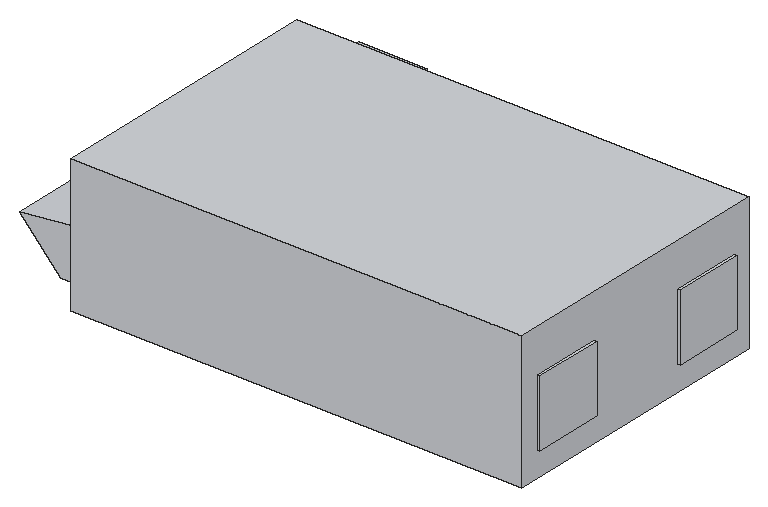
Revit family "Multi N DV3500N", category Generic Models, Revit 2013
Parameters
  Width mm = 2560 mm
  Warranty = "1 Year"
  Voltage Supply      Single Phase = "400v ac"
  Versatile positioning ,floor and ceiling susupended options = "Yes"
  Summer/Winter by-pass = "Yes"
  Summer By-pass = "Automatic 100%"
  Safety cut off switch Pressure sensors for filter monitoring = "Yes"
  Roof Top model = "Yes"
  Pre Heater = "option"
  Part number = "9041535"
  Model = "MULTI-N DV3500N"
  Meets Building regulations Pat L2A and L2B = "Yes"
  Max Air Volume  m3/hr = "4700"
  Lockable doors = "Yes"
  Interchangeable spigot connections = "Yes"
  Insulated Base Frame = "Yes"
  Humidity control (optional) = "Yes"
  Height mm = 555 mm
  Heat Recovery = "<95%"
  Heat Exchanger = "Cross Counterflow"
  Frequency = "50Hz"
  Filter maintenance reminder = "Yes"
  Electronic control panel with LCD display = "Yes"
  EC motor for fine speed control and low SFP = "Yes"
  Duct Connections = "4x400x400mm"
  Double skinned insulated casing avoids thermal bridging = "Yes"
  Depth mm = 2500 mm
  Control Standard = "BMS/Internet"
  Control Optional .. = "Temperature"
  Control Optional . = "Co2"
  Control Optional = "Humidity"
  Carbon dioxide control (optional) = "Yes"
  Balanced supply and extract air ventilation with heat recovery = "Yes"
  BREEAM applicable = "Yes"
  Anti frost protection = "option"
  Air Filters = "M5 and F18"
  After Heater = "option"
  10 speed digital control and BMS and Internet control = "Yes"
Reference planes
  plane 1 "Center (Front/Back)": y = 0
  plane 2: z = 0
  plane 3 "Center (Left/Right)": x = 0
  plane 4: z = -85.437
  plane 5: y = -802.5
  plane 6: z = 684.563
  plane 7: x = -1280
  plane 8: x = 1280
  plane 9: y = 802.5
  plane 10: y = -697.5
  plane 11: y = -297.5
  plane 12: y = 697.5
  plane 13: y = 297.5
  plane 14: y = 497.5
  plane 15: x = -1665
  plane 16: y = -675
  plane 17: y = -475
  plane 18: z = 169.563
  plane 19: z = 345
  plane 20: y = -207.5
  plane 21: z = -30.437
  plane 22: z = 269.563
  plane 23: through (-1280, -1524, 269.563) normal (0.1161, 0, -0.9932)
  plane 24: x = -1434
  plane 25: through (-1665, -1524, 224.563) normal (0.7411, 0, 0.6714)
  plane 26: y = 982.5
  plane 27: z = 436.562
  plane 28: z = 256.32
  plane 29: through (4267.2, 982.5, 436.32) normal (0, 0.7071, 0.7071)
  plane 30: y = 1162.5
  plane 31: y = 982.5
  plane 32: x = -1025.5
  plane 33: x = -833
  plane 34: y = -497.5
  plane 35: x = -1218
  plane 36: y = -275
Forms (mm)
  Extrusion 1, solid
    sketch origin (0, 0, 0) x (1, 0, 0) y (0, 1, 0)
      loop
        line (-1280, 802.5) -> (-1280, -800) -> (1280, -800) -> (1280, 802.5) -> (-1280, 802.5)
    from 684.563 to -85.437
  Extrusion 2, solid
    sketch origin (1280, 636.767, 57.524) x (0, -1, 0) y (0, 0, -1)
      loop
        line (339.267, -384.976) -> (339.267, -4.976) -> (-60.733, -4.976) -> (-60.733, -384.976) -> (339.267, -384.976)
    from 0 to 20
  Extrusion 3, solid
    sketch origin (1280, -408.233, 32.524) x (0, -1, 0) y (0, 0, -1)
      loop
        line (289.267, -409.976) -> (289.267, -29.976) -> (-110.733, -29.976) -> (-110.733, -409.976) -> (289.267, -409.976)
    from 0 to 20
  Extrusion 4, solid
    sketch origin (-1280, -664.229, -78.415) x (0, -1, 0) y (0, 0, 1)
      loop
        line (10.771, 347.977) -> (-389.229, 347.977) -> (-389.229, 47.977) -> (10.771, 47.977) -> (10.771, 347.977)
    from 0 to 385
  Extrusion 5, solid
    sketch origin (-1396.875, 802.5, 72.5) x (1, 0, 0) y (0, 0, -1)
      loop
        line (563.875, -363.82) -> (563.875, -3.82) -> (178.723, -3.82) -> (178.723, -363.82) -> (563.875, -363.82)
    from 0 to 360
  Extrusion 6, void
    sketch origin (-1128.358, -675, 1200) x (-1, 0, 0) y (0, 0, 1)
      loop
        line (151.642, -930.437) -> (536.642, -975.437) -> (536.642, -930.438) -> (151.642, -930.437)
    from 0 to 400
  Extrusion 7, void
    sketch origin (-1128.358, -675, 1200) x (-1, 0, 0) y (0, 0, 1)
      loop
        line (536.642, -975.437) -> (305.642, -1230.437) -> (536.642, -1230.437) -> (536.642, -975.437)
    from 0 to 400
Cuts and joins
  Extrusion 6, Extrusion 7 cuts Extrusion 4
Dimensions and locks
  plane 4 to plane 6 = 770 mm  (x3)
  plane 7 to plane 3 "Center (Left/Right)" = 1280 mm
  plane 3 "Center (Left/Right)" to Extrusion 1 = 1280 mm
  plane 5 to plane 9 = 1605 mm
  plane 1 "Center (Front/Back)" to plane 9 = 802.5 mm
  plane 5 to plane 1 "Center (Front/Back)" = 802.5 mm
  plane 5 to plane 10 = 105 mm
  plane 12 to plane 9 = 105 mm
  plane 13 to plane 12 = 400 mm
  plane 13 to plane 14 = 200 mm
  plane 9 to plane 12 = 105 mm
  plane 12 to plane 13 = 400 mm
  plane 10 to plane 5 = 105 mm
  plane 11 to plane 10 = 400 mm
  plane 15 to plane 7 = 385 mm  (x2)
  plane 16 to plane 17 = 200 mm
  plane 4 to plane 21 = 55 mm  (x2)
  plane 21 to plane 18 = 200 mm  (x2)
  plane 16 to Extrusion 1 = 125 mm
  plane 9 to plane 26 = 180 mm
  plane 27 to plane 6 = 248 mm
  Extrusion 5 to Extrusion 5 = 360 mm  (x2)
  Extrusion 1 to Extrusion 1 = 770 mm
  Extrusion 5 to Extrusion 1 = 360 mm
  Extrusion 1 to Extrusion 5 = 360 mm
  plane 9 to plane 31 = 180 mm
  plane 34 to plane 11 = 200 mm
  plane 14 to plane 12 = 200 mm
  plane 7 to plane 35 = 62 mm
  plane 35 to plane 33 = 385 mm
  plane 35 to plane 32 = 192.5 mm
  plane 32 to plane 33 = 192.5 mm
  Extrusion 1 to plane 16 = 125 mm
  plane 17 to plane 36 = 200 mm
  plane 7 to plane 8 = 2560 mm
  plane 10 to plane 11 = 400 mm
  aligned and locked: level to plane 2
